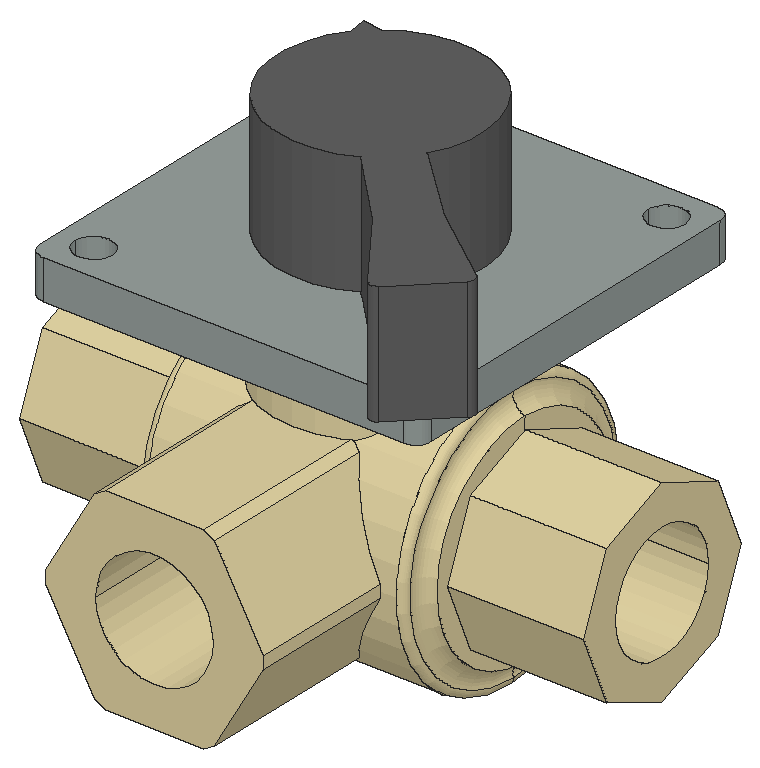
Revit family "QD34720000", category Apparecchi idraulici, Revit 2020
Family settings
  Quota connettore circolare = Usa diametro
  Tipo di parte = Normale
  Numero OmniClass = 23.45.00.00
  Titolo OmniClass = Sanitary, Laundry, and Cleaning Equipment
  Basato su piano di lavoro = No
  Sempre verticale = Sì
  Taglio con vuoti quando caricato = No
  Condiviso = No
  Punto di calcolo locali = No
Parameters
  URL = "https://web.cimberio.com/index.php/figura/1109?subcategoria_id=20"
  Temperatura di esercizio = "-10 ÷ 95°C"
  Prospetto di default = 0 mm
  Produttore = "CIMBERIO SPA"
  Pressione nominale = "PN 16"
  Modello = "Cim 683"
  Materiale = "Prodotto in lega di ottone conforme alla norma EN 12165-CW617N-DW"
  Descrizione = "Utilizzato nei più svariati settori dell'impiantistica: impianti di riscaldamento, condizionamento, idrici, igienico-sanitari e in generale con ogni fluido non corrosivo.\r\nParticolarmente indicato come valvola  per la regolazione e contabilizzazione di impianti di riscaldamento singoli o a zone, impianti con utilizzazione di energie alternative, impianti con fluidi caldi o freddi e impianti di automazione in genere"
  DN Model [instance] = QD34721015 : QD34721015
  DN [instance] = 15 mm
  Commenti sul tipo = "Realizzato in ottemperanza ai requisiti gestionali della norma EN ISO 9001.\r\nCollaudato al 100% secondo la normativa EN 12266-1"
Reference planes
  plane 1 "Centro (Fronte/Retro)": y = 0
  plane 2: z = 0
  plane 3 "Centro (Sinistra/Destra)": x = 0
Dimensions and locks
  aligned and locked: level to plane 2
Nested families
  nested 1: "QD34721015" at (0, 0, 0), type <- "DN Model", type "QD34721015"
  nested 2: "QD34721015" at (0, 0, 0), type <- "DN Model", type "QD34721015"
  nested 3: "QD34721015" at (0, 0, 0), type <- "DN Model", type "QD34721015"
  nested 4: "QD34721015" at (0, 0, 0), type <- "DN Model", type "QD34721015"
Connectors
  piping at (36, 0, 0), diameter 15, driven by "DN"
    settings: on nested 1, index 1, connector inside diameter 609.6 mm, connector length 0 mm, flow factor 0, pipe flow 0.0 L/s, pressure drop 0.0 Pa, fitting loss kfactor 0, connector angle 0.00°, fixture units 0, engagement length 0 mm, angle of deflection 0.00°, flow configuration 0, flow direction 0, fitting loss method 0, system type 7, joint type 0, gender type 0, connector reference index -1, connector utility 0, adjustable connector no, is connector primary yes, connector description ""
  piping at (0, -36, 0), diameter 15, driven by "DN"
    settings: on nested 1, index 2, connector inside diameter 609.6 mm, connector length 0 mm, flow factor 0, pipe flow 0.0 L/s, pressure drop 0.0 Pa, fitting loss kfactor 0, connector angle 0.00°, fixture units 0, engagement length 0 mm, angle of deflection 0.00°, flow configuration 0, flow direction 0, fitting loss method 0, system type 7, joint type 0, gender type 0, connector reference index -1, connector utility 0, adjustable connector no, is connector primary no, connector description ""
  piping at (-36, 0, 0), diameter 15, driven by "DN"
    settings: on nested 1, index 3, connector inside diameter 609.6 mm, connector length 0 mm, flow factor 0, pipe flow 0.0 L/s, pressure drop 0.0 Pa, fitting loss kfactor 0, connector angle 0.00°, fixture units 0, engagement length 0 mm, angle of deflection 0.00°, flow configuration 0, flow direction 0, fitting loss method 0, system type 7, joint type 0, gender type 0, connector reference index -1, connector utility 0, adjustable connector no, is connector primary no, connector description ""
Definition of nested family "QD34721015"
  Parameters (values of type "QD34721015")
    URL = "https://web.cimberio.it/index.php/figura/394?subcategoria_id="
    Temperatura di esercizio = "-10 ÷ 95°C"
    Default Elevation = 0 mm
    Manufacturer = "CIMBERIO SPA"
    Pressione nominale = "PN 16"
    Model = "Cim 32"
    Materiale = "Prodotto in lega di ottone conforme alla norma EN 12165-CW617N-DW"
    Description = "Impiegato nei più svariati settori dell'impiantistica in condutture anti-ritorno per: reti di distribuzione acqua potabile, impianti di riscaldamento, condizionamento, igienico-sanitari e in generale con ogni fluido non corrosivo."
    DN [instance] = 50 mm
    Type Comments = "Realizzato in ottemperanza ai requisiti gestionali della norma EN ISO 9001.\r\nCollaudato al 100% secondo la normativa EN 12266-1"
  Reference planes
    plane 1 "Centro (Fronte/Retro)": y = 0
    plane 2: z = 0
    plane 3 "Centro (Sinistra/Destra)": x = 0
  Forms (mm)
    Revolve 1, solid
      sketch origin (51.589, 0, -3.5) x (-1, 0, 0) y (0, 0, -1)
        loop
          arc (35.589, 14) -> (34.882, 13.707) -> (34.589, 13) r 1
          arc (34.589, 13) -> (34.343, 11.448) -> (33.089, 10.5) r 2.103
          line (33.089, 10.5) -> (33.089, 4) -> (70.089, 4) -> (70.089, 10.5)
          arc (70.089, 10.5) -> (68.993, 11.542) -> (68.589, 13) r 2.833
          arc (68.589, 13) -> (68.296, 13.707) -> (67.589, 14) r 1
          line (67.589, 14) -> (35.589, 14)
        axis (70.089, -3.5) -> (33.089, -3.5)
      angle from 0 to 360
    Extrusion 2, solid
      sketch origin (0, 0, 0) x (0, 1, 0) y (0, 0, 1)
        loop
          circle (0, 0) r 7.5
        loop
          line (0, 12.5) -> (-8.839, 8.839) -> (-12.5, 0) -> (-8.839, -8.839) -> (0, -12.5) -> (8.839, -8.839) -> (12.5, 0) -> (8.839, 8.839) -> (0, 12.5)
      from -36 to -18
    Revolve 3, solid
      sketch origin (51.589, 0, -3.5) x (-1, 0, 0) y (0, 0, -1)
        loop
          line (65.589, -27) -> (65.589, -13.062) -> (51.589, -13.062) -> (51.589, -27) -> (65.589, -27)
        axis (51.589, -27) -> (51.589, -13.062)
      angle from 0 to 360
    Extrusion 4, solid
      sketch origin (0, 0, 0) x (1, 0, 0) y (0, 0, 1)
        loop
          arc (-6.305, 12.5) -> (-7, 12.124) -> (-7.673, 11.71) r 14
          line (-7.673, 11.71) -> (-13.978, 0.79)
          arc (-13.978, 0.79) -> (-14, 0) -> (-13.978, -0.79) r 14
          line (-13.978, -0.79) -> (-7.673, -11.71)
          arc (-7.673, -11.71) -> (-7, -12.124) -> (-6.305, -12.5) r 14
          line (-6.305, -12.5) -> (6.305, -12.5)
          arc (6.305, -12.5) -> (7, -12.124) -> (7.673, -11.71) r 14
          line (7.673, -11.71) -> (13.978, -0.79)
          arc (13.978, -0.79) -> (14, 0) -> (13.978, 0.79) r 14
          line (13.978, 0.79) -> (7.673, 11.71)
          arc (7.673, 11.71) -> (7, 12.124) -> (6.305, 12.5) r 14
          line (6.305, 12.5) -> (-6.305, 12.5)
        loop
          circle (0, 0) r 7.5
      from 7.792 to 36
    Extrusion 5, solid
      sketch origin (-37.361, 0, 130.6) x (1, 0, 0) y (0, 1, 0)
        loop
          line (60.361, 25) -> (14.361, 25)
          arc (14.361, 25) -> (12.947, 24.414) -> (12.361, 23) r 2
          line (12.361, 23) -> (12.361, -23)
          arc (12.361, -23) -> (12.947, -24.414) -> (14.361, -25) r 2
          line (14.361, -25) -> (60.361, -25)
          arc (60.361, -25) -> (61.776, -24.414) -> (62.361, -23) r 2
          line (62.361, -23) -> (62.361, 23)
          arc (62.361, 23) -> (61.776, 24.414) -> (60.361, 25) r 2
        loop
          circle (17.031, 20.33) r 2.4
        loop
          circle (57.691, 20.33) r 2.4
        loop
          circle (17.031, -20.33) r 2.4
        loop
          circle (57.691, -20.33) r 2.4
      from -107.1 to -102.1
    Extrusion 6, solid
      sketch origin (-37.361, 0, 130.6) x (1, 0, 0) y (0, 1, 0)
        loop
          arc (27.196, 8.104) -> (27.528, -8.503) -> (43.912, -11.229) r 13
          arc (43.912, -11.229) -> (52.71, -20.358) -> (60.243, -30.557) r 97
          arc (60.243, -30.557) -> (60.978, -31.011) -> (61.792, -30.724) r 1
          line (61.792, -30.724) -> (68.086, -24.43)
          arc (68.086, -24.43) -> (68.373, -23.616) -> (67.919, -22.882) r 1
          arc (67.919, -22.882) -> (57.72, -15.349) -> (48.591, -6.55) r 97
          arc (48.591, -6.55) -> (45.864, 9.834) -> (29.258, 10.165) r 13
          line (29.258, 10.165) -> (26.755, 10.607) -> (27.196, 8.104)
      from -101.69 to -86.19
    Extrusion 7, solid
      sketch origin (0, 0, 0) x (0, 1, 0) y (0, 0, -1)
        loop
          circle (0, 0) r 7.5
        loop
          line (0, -12.5) -> (8.839, -8.839) -> (12.5, 0) -> (8.839, 8.839) -> (0, 12.5) -> (-8.839, 8.839) -> (-12.5, 0) -> (-8.839, -8.839) -> (0, -12.5)
      from -36 to -18
  Cuts and joins
    joined: Revolve 1, Extrusion 4
  Dimensions and locks
    aligned and locked: level to plane 2
